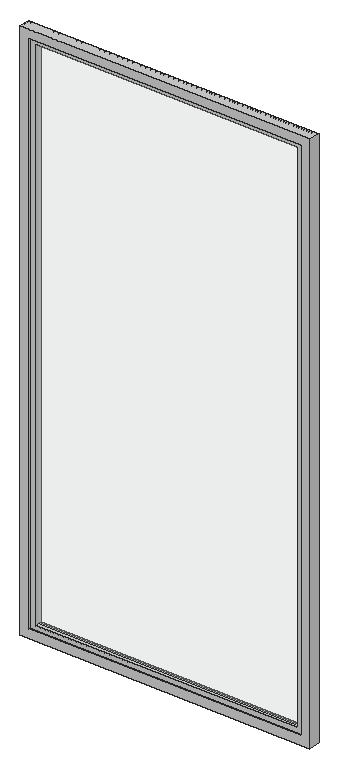
Revit family "Door_Fixed Panel_The Sliding Door Company_1-Panel Fixed", category Doors, host Wall, Revit 2019
Family settings
  Host = Wall
  OmniClass Number = 23.30.10.00
  OmniClass Title = Doors
  Always vertical = Yes
  Cut with Voids When Loaded = No
  Shared = No
  Room Calculation Point = No
Parameters (values of type "1 Fixed Panel")
  URL = "https://www.slidingdoorco.com"
  Thickness = 1 1/4"  # constant formula
  Rough Width = Finished Opening or Order Width + 5/8" * 2  # 53 1/4"
  Rough Height = Finished Opening Height + 5/8"  # 98 5/8"
  Panel Width = Width - 2"  # 50"
  Panel Height = Height - 1 1/2"  # 96 1/2"
  Model = "Fixed Panel System"  # constant formula
  Manufacturer = "The Sliding Door Company"  # constant formula
  Limitations = "Panel Width x System Height cannot exceed 7,400 square inches"  # constant formula
  Glass Thickness = "Available in: 5mm Tempered, 7mm,10mm,11mm Laminated Glass"  # constant formula
  Glass Material [instance] = TSDC - Glass - Clear
  Function = Interior
  Height = if(Finished Opening Height > 122", 122", Finished Opening Height)  # 98"
  Wall Closure = By host
  Width = if(Finished Opening or Order Width > 54", 54", Finished Opening or Order Width)  # 52"
  Stile and Rail = 1 1/2"
  Fire Rating = "N/A"  # constant formula
  Finished Opening or Order Width = 52"
  Finished Opening Height = 98"
  Door Casing Material [instance] = TSDC - Casing/Upper Track - Anodized Aluminum Silver
  Description = "1 Fixed Panel System"  # constant formula
  Contact The Sliding Door Company = "https://www.slidingdoorco.com/contact"
  Construction Type = "Fixed Panel System"  # constant formula
  Analytic Construction = "<None>"
  3" Frame (No Support Dividers) = "Max. H=122 in., Max. W=52 in. panel width"  # constant formula
  1 1/2" Frame (No Support Dividers) = "Max. H=108 in., Max. W=50 in. panel width"  # constant formula
Reference planes (in)
  plane 1 "Center (Front/Back)": y = 0
  plane 2 "Center (Left/Right)": x = 0
  plane 3 "Top": z = 98
  plane 4 "Exterior": y = 3
  plane 5 "Interior": y = -3
  plane 6 "2": z = 96.375
  plane 7 "3": z = 97.25
  plane 8: y = -0.67851
  plane 9: x = -26
  plane 10: x = 26
  plane 11: x = 25
  plane 12: x = -25
  plane 13: z = 0.75
Forms (in)
  Extrusion 1, solid, material "TSDC - Casing/Upper Track - Anodized Aluminum Silver" <- "Door Casing Material"
    sketch origin (40.75888, -1.3998, 0) x (-1, 0, 0) y (0, 0, -1)
      loop
        line (65.75888, -97.25) -> (65.75888, -0.75) -> (15.75888, -0.75) -> (15.75888, -97.25) -> (65.75888, -97.25)
      loop
        line (64.25888, -95.75) -> (64.25888, -2.25) -> (17.25888, -2.25) -> (17.25888, -95.75) -> (64.25888, -95.75)
    from 0 to 1.25
  Extrusion 2, solid, material "TSDC - Glass - Clear" <- "Glass Material"
    sketch origin (40.75888, -1.8998, 0) x (-1, 0, 0) y (0, 0, -1)
      loop
        line (64.25888, -95.75) -> (64.25888, -2.25) -> (17.25888, -2.25) -> (17.25888, -95.75) -> (64.25888, -95.75)
    from 0 to 0.25
  Sweep 3, solid, material "TSDC - Casing/Upper Track - Anodized Aluminum Silver" <- "Door Casing Material"
    path origin (0, 0, 0) x (1, 0, 0) y (0, 0, 1)
      loop
        line (26, 98) -> (-26, 98) -> (-26, 0) -> (26, 0) -> (26, 98)
    profile origin (0, 0, 98) x (0, 0, -1) y (0, -1, 0)
      loop
        line (0, 3) -> (0, 1.0248) -> (1.5, 1.0248) -> (1.5, 1.36074) -> (0.0625, 1.36074) -> (0.0625, 2.68886) -> (1.5, 2.68886) -> (1.5, 3) -> (0, 3)
Lines and regions (in)
  Opening 1
    outline origin (-60, -3, 0) x (1, 0, 0) y (0, 0, 1)
      loop
        line (86, 98) -> (34, 98) -> (34, 0) -> (86, 0) -> (86, 98)
  model lines, not visible
    curve 1: line (-29.8125, -2.71348, 0) -> (-29.8125, -1.28652, 0)
    curve 2: line (-28.3125, -3, 0) -> (-29.8125, -3, 0)
    curve 3: line (-29.23047, -1.28652, 0) -> (-29.8125, -1.28652, 0)
    curve 4: line (-29.75, -2.65098, 0) -> (-29.75, -1.34902, 0)
    curve 5: line (-29.23047, -1.07167, 0) -> (-29.23047, -1.28652, 0)
    curve 6: line (-29.16797, -1.07167, 0) -> (-29.23047, -1.07167, 0)
    curve 7: line (-29.16797, -1.28652, 0) -> (-29.16797, -1.07167, 0)
    curve 8: line (-28.42188, -1.07167, 0) -> (-28.42188, -1.28652, 0)
    curve 9: line (-28.35938, -1.34902, 0) -> (-28.35938, -1.07167, 0)
    curve 10: line (-28.42188, -1.28652, 0) -> (-29.16797, -1.28652, 0)
    curve 11: line (-28.35938, -1.07167, 0) -> (-28.42188, -1.07167, 0)
    curve 12: line (-28.35938, -1.34902, 0) -> (-29.75, -1.34902, 0)
    curve 13: line (-29.23047, -2.71348, 0) -> (-29.8125, -2.71348, 0)
    curve 14: line (-29.23047, -2.92833, 0) -> (-29.23047, -2.71348, 0)
    curve 15: line (-29.16797, -2.92833, 0) -> (-29.23047, -2.92833, 0)
    curve 16: line (-29.16797, -2.71348, 0) -> (-29.16797, -2.92833, 0)
    curve 17: line (-28.42188, -2.92833, 0) -> (-28.42188, -2.71348, 0)
    curve 18: line (-28.35938, -2.65098, 0) -> (-28.35938, -2.92833, 0)
    curve 19: line (-28.42188, -2.71348, 0) -> (-29.16797, -2.71348, 0)
    curve 20: line (-28.35938, -2.92833, 0) -> (-28.42188, -2.92833, 0)
    curve 21: line (-28.35938, -2.65098, 0) -> (-29.75, -2.65098, 0)
    curve 22: line (-28.3125, -1.0248, 0) -> (-29.8125, -1.0248, 0)
    curve 23: line (-29.8125, -1.0248, 0) -> (-29.8125, -1.2748, 0)
    curve 24: line (-29.8125, -1.2748, 0) -> (29.8125, -1.2748, 0)
    curve 25: line (-29.77734, -1.2748, 0) -> (-29.77734, -1.05996, 0)
    curve 26: line (-29.24219, -1.2748, 0) -> (-29.24219, -1.05996, 0)
    curve 27: line (-29.27734, -1.05996, 0) -> (-29.27734, -1.2748, 0)
    curve 28: line (-29.77734, -1.05996, 0) -> (-28.34766, -1.05996, 0)
    curve 29: line (-28.34766, -1.05996, 0) -> (-28.34766, -1.34902, 0)
    curve 30: line (-28.3125, -1.34902, 0) -> (-28.3125, -1.0248, 0)
    curve 31: line (-28.34766, -1.34902, 0) -> (-28.3125, -1.34902, 0)
Text (in)
  text "Exterior" at (-165.54235, 27.31104, 0), in view "Ref. Level"
  text "Interior" at (-165.54235, -25.14366, 0), in view "Ref. Level"
  text "Exterior" at (0, 40.15149, 123.01588), in view "Right"
  text "Interior" at (0, -64.39139, 123.01588), in view "Right"
  text "Interior" at (0, -31.01599, 123.00693), in view "Left"
  text "Exterior" at (0, 54.57065, 123.00693), in view "Left"
Dimensions and locks (in)
  "Height": level to plane 3 "Top"
  locked: plane 6 "2" to plane 3 "Top" at 1.625
  locked: plane 7 "3" to plane 3 "Top" at 0.75
  "Stile and Rail": Extrusion 1 to Extrusion 1  (x4)
  equal spacing: plane 9, plane 2 "Center (Left/Right)", plane 10
  "Width": plane 9 to plane 10
  locked: plane 9 to plane 12 at 1
  locked: plane 11 to plane 10 at 1
  plane 5 "Interior" to Extrusion 1 to Extrusion 1 = 0.3502" locked, 1 1/4" locked
  plane 5 "Interior" to Extrusion 2 to Extrusion 2 = 0.8502" locked, 1/4" locked
  locked: Extrusion 1 to Extrusion 1 at 1.25
  Sweep 3 to Sweep 3 to Sweep 3 to Sweep 3 = 43/128" locked, 1 21/64" locked, 0.31114" locked
  plane 12 to plane 11 = 50"
  aligned and locked: plane 4 "Exterior" to host wall
  aligned and locked: host wall to plane 5 "Interior"
  aligned and locked: Extrusion 1 to Extrusion 2  (x4)
  aligned and locked: Opening 1 sketch curve to plane 3 "Top"
  aligned and locked: plane 10 to Opening 1 sketch curve
  aligned and locked: Sweep 3 sketch curve to host wall  (x3)
  aligned and locked: profile plane to Sweep 3 sketch curve
  aligned and locked: host wall to Sweep 3 sketch curve
  aligned and locked: plane 11 to Extrusion 1
  aligned and locked: Extrusion 1 to plane 13
Automatic sketch dimensions
  Opening 1 sketch curve to plane 9 = 0"
  Opening 1 sketch curve to level = 0"
  plane 2 "Center (Left/Right)" to Extrusion 1 sketch curve = 25"
  Extrusion 1 sketch curve to plane 7 "3" = 0"
  Extrusion 1 sketch curve to plane 12 = 0"
  plane 6 "2" to Extrusion 1 sketch curve = 5/8"
  plane 2 "Center (Left/Right)" to Extrusion 1 sketch curve = 23 1/2"
  plane 12 to Extrusion 1 sketch curve = 1 1/2"
  plane 6 "2" to Extrusion 2 sketch curve = 5/8"
  plane 2 "Center (Left/Right)" to Extrusion 2 sketch curve = 23 1/2"
  plane 12 to Extrusion 2 sketch curve = 1 1/2"
  curve 24 to curve 1 = 0"
  curve 2 to curve 1 = 0"
  curve 22 to curve 28 = 9/256"
  curve 1 to curve 4 = 1/16"
  curve 4 to curve 14 = 133/256"
  curve 4 to curve 3 = 133/256"
  curve 3 to curve 10 = 1/16"
  curve 13 to curve 16 = 1/16"
  curve 16 to curve 19 = 191/256"
  curve 6 to curve 8 = 191/256"
  curve 17 to curve 18 = 1/16"
  curve 8 to curve 12 = 1/16"
  curve 18 to curve 2 = 3/64"
  curve 2 to curve 20 = 0.07167"
  curve 2 to curve 16 = 0.07167"
  curve 15 to curve 16 = 55/256"
  curve 14 to curve 16 = 0"
  curve 17 to curve 21 = 1/16"
  curve 18 to curve 12 = 1.30196"
  curve 9 to curve 10 = 1/16"
  curve 5 to curve 7 = 0"
  curve 1 to curve 24 = 3/256"
  curve 26 to curve 5 = 13/64"
  curve 8 to curve 11 = 55/256"
  curve 25 to curve 28 = 55/256"
  curve 25 to curve 22 = 9/256"
  curve 27 to curve 5 = 3/64"
  curve 26 to curve 5 = 3/256"
  curve 9 to curve 29 = 3/256"
  curve 28 to curve 31 = 9/256"
  curve 28 to curve 24 = 58 41/256"
  curve 9 to curve 30 = 0"
  Sweep 3 sketch curve to Sweep 3 sketch curve = 0"
  Sweep 3 sketch curve to level = 0"
  Sweep 3 sketch curve to profile plane = 1/16"
  Sweep 3 sketch curve to Sweep 3 sketch curve = 1 7/16"
  Sweep 3 sketch curve to Sweep 3 sketch curve = 43/128"
  Sweep 3 sketch curve to Sweep 3 sketch curve = 0.31114"
  Sweep 3 sketch curve to Sweep 3 sketch curve = 1 21/64"
  plane 13 to Extrusion 1 sketch curve = 1 1/2"
  Extrusion 1 sketch curve to plane 13 = 0"
  plane 13 to Extrusion 2 sketch curve = 1 1/2"
